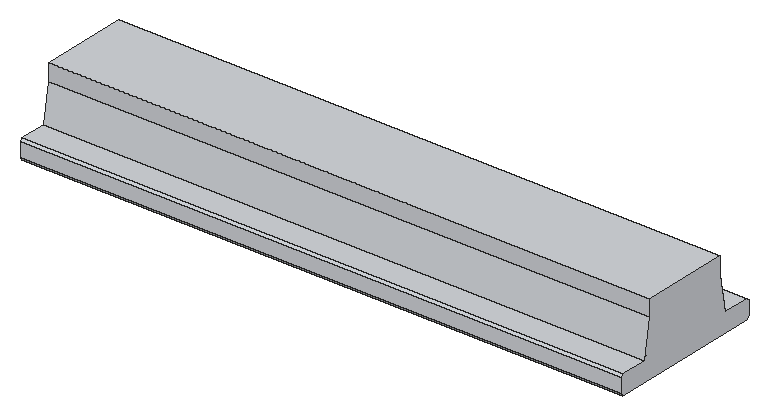
Revit family "Bjælke-LB", category Structural Framing, Revit 2020
Family settings
  Section Shape = Not Defined
  Material for Model Behavior = Other
  Always export as geometry = No
  OmniClass Number = 23.25.30.11.14.14
  OmniClass Title = Beams
  Always vertical = Yes
  Cut with Voids When Loaded = No
  Symbolic Representation = From Family
  Shared = No
  Show family pre-cut in plan views = Yes
Parameters (values of type "LB 66/22/8")
  Model = if(Bredt Element, "LBB", "LB")  # "LB"
  Konsol Tykkelse = 80 mm
  Hylde Højde Maks = 400 mm  # constant formula
  Hylde Højde = 220 mm
  Bredt Element = no
  Bredde = if(Bredt Element, 840 mm, 660 mm)  # 660 mm
  Structural Material [instance] = (empty or 0)
  Manufacturer = "CRH Concrete"  # constant formula
  Length [instance] = 3000 mm
  Højde = if(Hylde Højde Maks < Hylde Højde, Hylde Højde Maks, Hylde Højde) + Konsol Tykkelse  # 300 mm
  CRH_RFA_TimeStamp_LastRelease = 20230914  # constant formula
Types (25, lengths in mm): name | Model | Konsol Tykkelse | Hylde Højde | Bredt Element | Bredde | Højde
  (no name) | "LB" | 80 | 220 | no | 660 | 300
  LBB 84/32/16 | "LBB" | 160 | 320 | yes | 840 | 480
  LBB 84/40/16 | "LBB" | 160 | 400 | yes | 840 | 560
  LBB 84/27/16 | "LBB" | 160 | 270 | yes | 840 | 430
  LBB 84/22/16 | "LBB" | 160 | 220 | yes | 840 | 380
  LBB 84/40/12 | "LBB" | 120 | 400 | yes | 840 | 520
  LBB 84/32/12 | "LBB" | 120 | 320 | yes | 840 | 440
  LBB 84/27/12 | "LBB" | 120 | 270 | yes | 840 | 390
  LBB 84/22/12 | "LBB" | 120 | 220 | yes | 840 | 340
  LBB 84/40/8 | "LBB" | 80 | 400 | yes | 840 | 480
  LBB 84/32/8 | "LBB" | 80 | 320 | yes | 840 | 400
  LBB 84/22/8 | "LBB" | 80 | 220 | yes | 840 | 300
  LBB 84/27/8 | "LBB" | 80 | 270 | yes | 840 | 350
  LB 66/40/8 | "LB" | 80 | 400 | no | 660 | 480
  LB 66/32/8 | "LB" | 80 | 320 | no | 660 | 400
  LB 66/27/8 | "LB" | 80 | 270 | no | 660 | 350
  LB 66/22/8 | "LB" | 80 | 220 | no | 660 | 300
  LB 66/40/12 | "LB" | 120 | 400 | no | 660 | 520
  LB 66/32/12 | "LB" | 120 | 320 | no | 660 | 440
  LB 66/27/12 | "LB" | 120 | 270 | no | 660 | 390
  LB 66/22/12 | "LB" | 120 | 220 | no | 660 | 340
  LB 66/40/16 | "LB" | 160 | 400 | no | 660 | 560
  LB 66/32/16 | "LB" | 160 | 320 | no | 660 | 480
  LB 66/27/16 | "LB" | 160 | 270 | no | 660 | 430
  LB 66/22/16 | "LB" | 160 | 220 | no | 660 | 380
Reference planes
  plane 1 "Center (Front/Back)": y = 0
  plane 2 "Center Elevation": z = 0
  plane 3 "Center (Left/Right)": x = 0
  plane 4 "Left": x = -1500
  plane 5 "Member Left": x = -1250
  plane 6 "Stick Symbol Left": x = -1000
  plane 7 "Right": x = 1500
  plane 8 "Member Right": x = 1250
  plane 9 "Stick Symbol Right": x = 1000
Forms (mm)
  Sweep 1, solid
    path origin (0, 0, 0) x (1, 0, 0) y (0, 1, 0)
      loop
        line (-1250, 0) -> (1250, 0)
    profile "Profile-LB : Profile-LB" origin (0, 0, 0) x (0, 1, 0) y (0, 0, 1)
      loop
        line (-180, -70) -> (-210, -220) -> (-320, -220) -> (-330, -230) -> (-330, -290) -> (-320, -300) -> (320, -300) -> (330, -290) -> (330, -230) -> (320, -220) -> (210, -220) -> (180, -70) -> (180, 0) -> (-180, 0) -> (-180, -70)
Lines and regions (mm)
  model lines, style "Stick Symbols", not visible, detail levels coarse
    curve 1: line (-1000, 0, 0) -> (1000, 0, 0)
Dimensions and locks
  equal spacing: plane 4 "Left", plane 3 "Center (Left/Right)", plane 7 "Right"
  "Length": plane 4 "Left" to plane 7 "Right"
  aligned and locked: plane 1 "Center (Front/Back)" to curve 1
  aligned and locked: plane 6 "Stick Symbol Left" to curve 1
  aligned and locked: plane 9 "Stick Symbol Right" to curve 1
  aligned and locked: plane 2 "Center Elevation" to level
  aligned and locked: plane 1 "Center (Front/Back)" to Sweep 1 sketch curve
  aligned and locked: plane 5 "Member Left" to Sweep 1 sketch curve
  aligned and locked: plane 8 "Member Right" to Sweep 1 sketch curve
